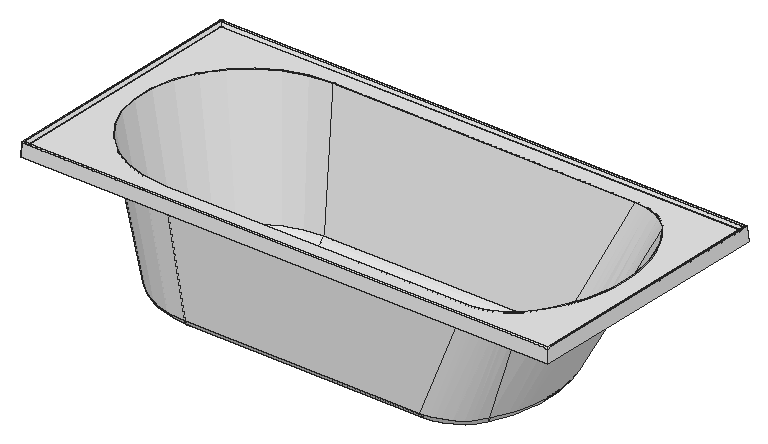
Revit family "DS-SBT-02", category Plumbing Fixtures, Revit 2015
Parameters
  Width = 745 mm
  URL = "seima.com.au"
  Model = "DS-SBT-02"
  Manufacturer = "SEIMA"
  Length = 568.465 mm
  Default Elevation = 900 mm
Reference planes
  plane 1 "Centro (Frente/Trás)": y = 0
  plane 2: z = 0
  plane 3 "Centro (Esquerda/Direita)": x = 0
  plane 4: x = 1299.701
  plane 5: y = 362.411
  plane 6: y = -362.412
  plane 7: x = -231.022
  plane 8 "Top": z = 407.552
  plane 9 "drain": z = -18.873
  plane 10: y = 306.401
  plane 11: y = -306.401
  plane 12: x = 139.553
  plane 13: x = 1024.973
  plane 14: x = 839.226
  plane 15 "c1": z = 55.547
  plane 16: y = 251.969
  plane 17: y = -251.969
  plane 18: x = 534.34
  plane 19: x = 1170.753
  plane 20: x = 156.952
  plane 21: x = 1016.232
  plane 22: y = 170.195
  plane 23: y = 150.831
  plane 24: y = -170.195
Forms (mm)
  Sweep 1, solid, material "SEIMA_ACRYLIC"
    path origin (0, 0, 407.552) x (-1, 0, 0) y (0, -1, 0)
      loop
        line (231.022, -362.411) -> (231.022, 362.412) -> (-1299.701, 362.412) -> (-1299.701, -362.411) -> (231.022, -362.411)
    profile origin (-231.022, 0, 407.552) x (-1, 0, 0) y (0, 0, 1)
      loop
        line (-1.001, -40.003) -> (0, -40.003) -> (-1.645, -2.869)
        arc (-1.645, -2.869) -> (-3.998, -0.071) -> (-7.307, -1.624) r 3
        line (-7.307, -1.624) -> (-11.545, -9.823) -> (-11.545, -10.8)
        arc (-11.545, -10.8) -> (-11.025, -10.67) -> (-10.657, -10.282) r 0.958
        line (-10.657, -10.282) -> (-6.419, -2.083)
        arc (-6.419, -2.083) -> (-4.213, -1.048) -> (-2.644, -2.913) r 2
        line (-2.644, -2.913) -> (-1.001, -40.003)
  Extrusion 2, solid, material "SEIMA_ACRYLIC"
    sketch origin (0, 0, 407.552) x (-1, 0, 0) y (0, -1, 0)
      loop
        line (219.477, -350.866) -> (219.477, 350.867) -> (-1288.156, 350.867) -> (-1288.156, -350.866) -> (219.477, -350.866)
      loop
        line (-139.385, 304.921) -> (-1025.671, 304.957)
        spline (-1025.671, 304.957) -> (-1078.163, 294.56) -> (-1127.077, 264.075) -> (-1169.08, 215.581) -> (-1201.31, 152.383) -> (-1221.57, 78.787) -> (-1228.48, -0.191) -> (-1221.569, -79.168) -> (-1201.307, -152.763) -> (-1169.076, -215.96) -> (-1127.071, -264.452) -> (-1078.157, -294.934) -> (-1025.665, -305.329)
        line (-1025.665, -305.329) -> (-139.397, -305.289)
        spline (-139.397, -305.289) -> (-60.578, -294.893) -> (12.87, -264.413) -> (75.942, -215.928) -> (124.339, -152.74) -> (154.763, -79.156) -> (165.141, -0.19) -> (154.766, 78.776) -> (124.345, 152.362) -> (75.95, 215.551) -> (12.881, 264.04) -> (-60.566, 294.522) -> (-139.385, 304.921)
    from -9.823 to -10.8
  Extrusion 3, solid, material "SEIMA_ACRYLIC"
    sketch origin (0, 0, 407.552) x (-1, 0, 0) y (0, -1, 0)
      loop
        arc (-156.952, -208.773) -> (51.822, 0) -> (-156.952, 208.773) r 208.773
        line (-156.952, 208.773) -> (-840.294, 208.773)
        arc (-840.294, 208.773) -> (-887.003, 199.501) -> (-926.627, 173.089) r 122.277
        arc (-926.627, 173.089) -> (-975.644, 0.381) -> (-927.219, -172.495) r 330.771
        arc (-927.219, -172.495) -> (-887.39, -199.34) -> (-840.294, -208.773) r 122.277
        line (-840.294, -208.773) -> (-156.952, -208.773)
      loop
        circle (0, 0) r 40
    from -406.6 to -407.552
  Blend 4, void
    base sketch origin (0, 0, 0) x (1, 0, 0) y (0, 1, 0)
      loop
        arc (156.952, 251.969) -> (-95.017, 0) -> (156.952, -251.969) r 251.969
        line (156.952, -251.969) -> (839.226, -251.969)
        arc (839.226, -251.969) -> (918.904, -229.967) -> (976.002, -170.195) r 155.275
        arc (976.002, -170.195) -> (1018.836, 0) -> (976.002, 170.195) r 359.546
        arc (976.002, 170.195) -> (918.904, 229.967) -> (839.226, 251.969) r 155.275
        line (839.226, 251.969) -> (156.952, 251.969)
    top sketch origin (0, 0, 0) x (1, 0, 0) y (0, 1, 0)
      loop
        line (139.553, -305.289) -> (1016.232, -305.289)
        arc (1016.232, -305.289) -> (1083.632, -291.392) -> (1140.038, -251.969) r 170.396
        arc (1140.038, -251.969) -> (1228.348, 0) -> (1140.038, 251.969) r 403.618
        arc (1140.038, 251.969) -> (1083.632, 291.392) -> (1016.232, 305.289) r 170.396
        line (1016.232, 305.289) -> (139.553, 305.289)
        arc (139.553, 305.289) -> (-165.736, 0) -> (139.553, -305.289) r 305.289
    from 29.105 to 396.752
  Blend 5, solid, material "SEIMA_ACRYLIC"
    base sketch origin (0, 0, 407.552) x (-1, 0, 0) y (0, -1, 0)
      loop
        arc (-156.952, -252.969) -> (96.017, 0) -> (-156.952, 252.969) r 252.969
        line (-156.952, 252.969) -> (-839.226, 252.969)
        arc (-839.226, 252.969) -> (-919.418, 230.825) -> (-976.883, 170.668) r 156.275
        arc (-976.883, 170.668) -> (-1019.836, 0) -> (-976.883, -170.668) r 360.546
        arc (-976.883, -170.668) -> (-919.418, -230.825) -> (-839.226, -252.969) r 156.275
        line (-839.226, -252.969) -> (-156.952, -252.969)
    top sketch origin (0, 0, 407.552) x (-1, 0, 0) y (0, -1, 0)
      loop
        arc (-1140.793, 252.626) -> (-1229.348, 0) -> (-1140.793, -252.626) r 404.618
        arc (-1140.793, -252.626) -> (-1084.046, -292.302) -> (-1016.232, -306.289) r 171.396
        line (-1016.232, -306.289) -> (-139.553, -306.289)
        arc (-139.553, -306.289) -> (166.736, 0) -> (-139.553, 306.289) r 306.289
        line (-139.553, 306.289) -> (-1016.232, 306.289)
        arc (-1016.232, 306.289) -> (-1084.046, 292.302) -> (-1140.793, 252.626) r 171.396
    from -378.448 to -10.8
  Sweep 6, solid, material "SEIMA_ACRYLIC"
    path origin (0, 0, 0) x (1, 0, 0) y (0, 1, 0)
      loop
        line (839.226, 252.969) -> (156.952, 252.969)
        arc (156.952, 252.969) -> (-96.017, 0) -> (156.952, -252.969) r 252.969
        line (156.952, -252.969) -> (839.226, -252.969)
        arc (839.226, -252.969) -> (919.418, -230.825) -> (976.883, -170.668) r 156.275
        arc (976.883, -170.668) -> (1019.836, 0) -> (976.883, 170.668) r 360.546
        arc (976.883, 170.668) -> (919.418, 230.825) -> (839.226, 252.969) r 156.275
    profile origin (1019.836, 0, 0) x (1, 0, 0) y (0, 0, 1)
      loop
        line (0, 29.105) -> (-1, 29.105)
        arc (-1, 29.105) -> (-19.266, 9.915) -> (-44.195, 0.947) r 57.525
        line (-44.195, 0.947) -> (-44.195, 0)
        arc (-44.195, 0) -> (-18.737, 9.449) -> (0, 29.105) r 60.34
  Extrusion 7, solid, material "SEIMA_ACRYLIC"
    sketch origin (0, 0, 0) x (1, 0, 0) y (0, 1, 0)
      loop
        line (37.299, 142.686) -> (37.299, 127.686) -> (52.339, 127.686) -> (52.339, 142.686) -> (37.299, 142.686)
      loop
        line (37.299, 97.686) -> (37.299, 82.686) -> (52.339, 82.686) -> (52.339, 97.686) -> (37.299, 97.686)
      loop
        line (37.299, 52.686) -> (37.299, 37.686) -> (52.339, 37.686) -> (52.339, 52.686) -> (37.299, 52.686)
      loop
        line (37.299, -37.314) -> (37.299, -52.314) -> (52.339, -52.314) -> (52.339, -37.314) -> (37.299, -37.314)
      loop
        line (37.299, -127.314) -> (37.299, -142.314) -> (52.339, -142.314) -> (52.339, -127.314) -> (37.299, -127.314)
      loop
        line (37.299, -82.314) -> (37.299, -97.314) -> (52.339, -97.314) -> (52.339, -82.314) -> (37.299, -82.314)
      loop
        line (-7.72, -82.314) -> (-7.72, -97.314) -> (7.32, -97.314) -> (7.32, -82.314) -> (-7.72, -82.314)
      loop
        line (-7.72, 97.686) -> (-7.72, 82.686) -> (7.32, 82.686) -> (7.32, 97.686) -> (-7.72, 97.686)
      loop
        line (82.197, 7.769) -> (82.197, -7.231) -> (97.237, -7.231) -> (97.237, 7.769) -> (82.197, 7.769)
      loop
        line (82.273, 142.686) -> (82.273, 127.686) -> (97.313, 127.686) -> (97.313, 142.686) -> (82.273, 142.686)
      loop
        line (82.273, 97.686) -> (82.273, 82.686) -> (97.313, 82.686) -> (97.313, 97.686) -> (82.273, 97.686)
      loop
        line (82.273, 52.686) -> (82.273, 37.686) -> (97.313, 37.686) -> (97.313, 52.686) -> (82.273, 52.686)
      loop
        line (82.273, -37.314) -> (82.273, -52.314) -> (97.313, -52.314) -> (97.313, -37.314) -> (82.273, -37.314)
      loop
        line (82.273, -127.314) -> (82.273, -142.314) -> (97.313, -142.314) -> (97.313, -127.314) -> (82.273, -127.314)
      loop
        line (82.273, -82.314) -> (82.273, -97.314) -> (97.313, -97.314) -> (97.313, -82.314) -> (82.273, -82.314)
      loop
        line (127.247, 142.686) -> (127.247, 127.686) -> (142.286, 127.686) -> (142.286, 142.686) -> (127.247, 142.686)
      loop
        line (127.247, 97.686) -> (127.247, 82.686) -> (142.286, 82.686) -> (142.286, 97.686) -> (127.247, 97.686)
      loop
        line (127.247, 52.686) -> (127.247, 37.686) -> (142.286, 37.686) -> (142.286, 52.686) -> (127.247, 52.686)
      loop
        line (127.247, -37.314) -> (127.247, -52.314) -> (142.286, -52.314) -> (142.286, -37.314) -> (127.247, -37.314)
      loop
        line (127.247, -127.314) -> (127.247, -142.314) -> (142.286, -142.314) -> (142.286, -127.314) -> (127.247, -127.314)
      loop
        line (127.247, -82.314) -> (127.247, -97.314) -> (142.286, -97.314) -> (142.286, -82.314) -> (127.247, -82.314)
      loop
        line (307.142, 142.686) -> (307.142, 127.686) -> (322.182, 127.686) -> (322.182, 142.686) -> (307.142, 142.686)
      loop
        line (307.142, 97.686) -> (307.142, 82.686) -> (322.182, 82.686) -> (322.182, 97.686) -> (307.142, 97.686)
      loop
        line (307.142, 52.686) -> (307.142, 37.686) -> (322.182, 37.686) -> (322.182, 52.686) -> (307.142, 52.686)
      loop
        line (307.142, -37.314) -> (307.142, -52.314) -> (322.182, -52.314) -> (322.182, -37.314) -> (307.142, -37.314)
      loop
        line (307.142, -127.314) -> (307.142, -142.314) -> (322.182, -142.314) -> (322.182, -127.314) -> (307.142, -127.314)
      loop
        line (307.142, -82.314) -> (307.142, -97.314) -> (322.182, -97.314) -> (322.182, -82.314) -> (307.142, -82.314)
      loop
        line (262.168, 142.686) -> (262.168, 127.686) -> (277.208, 127.686) -> (277.208, 142.686) -> (262.168, 142.686)
      loop
        line (262.168, 97.686) -> (262.168, 82.686) -> (277.208, 82.686) -> (277.208, 97.686) -> (262.168, 97.686)
      loop
        line (262.168, 52.686) -> (262.168, 37.686) -> (277.208, 37.686) -> (277.208, 52.686) -> (262.168, 52.686)
      loop
        line (262.168, -37.314) -> (262.168, -52.314) -> (277.208, -52.314) -> (277.208, -37.314) -> (262.168, -37.314)
      loop
        line (262.168, -127.314) -> (262.168, -142.314) -> (277.208, -142.314) -> (277.208, -127.314) -> (262.168, -127.314)
      loop
        line (262.168, -82.314) -> (262.168, -97.314) -> (277.208, -97.314) -> (277.208, -82.314) -> (262.168, -82.314)
      loop
        line (217.136, 142.686) -> (217.136, 127.686) -> (232.176, 127.686) -> (232.176, 142.686) -> (217.136, 142.686)
      loop
        line (217.136, 97.686) -> (217.136, 82.686) -> (232.176, 82.686) -> (232.176, 97.686) -> (217.136, 97.686)
      loop
        line (217.136, 52.686) -> (217.136, 37.686) -> (232.176, 37.686) -> (232.176, 52.686) -> (217.136, 52.686)
      loop
        line (217.136, -37.314) -> (217.136, -52.314) -> (232.176, -52.314) -> (232.176, -37.314) -> (217.136, -37.314)
      loop
        line (217.136, -127.314) -> (217.136, -142.314) -> (232.176, -142.314) -> (232.176, -127.314) -> (217.136, -127.314)
      loop
        line (217.136, -82.314) -> (217.136, -97.314) -> (232.176, -97.314) -> (232.176, -82.314) -> (217.136, -82.314)
      loop
        line (172.22, 142.686) -> (172.22, 127.686) -> (187.26, 127.686) -> (187.26, 142.686) -> (172.22, 142.686)
      loop
        line (172.22, 97.686) -> (172.22, 82.686) -> (187.26, 82.686) -> (187.26, 97.686) -> (172.22, 97.686)
      loop
        line (172.22, 52.686) -> (172.22, 37.686) -> (187.26, 37.686) -> (187.26, 52.686) -> (172.22, 52.686)
      loop
        line (172.22, -37.314) -> (172.22, -52.314) -> (187.26, -52.314) -> (187.26, -37.314) -> (172.22, -37.314)
      loop
        line (172.22, -127.314) -> (172.22, -142.314) -> (187.26, -142.314) -> (187.26, -127.314) -> (172.22, -127.314)
      loop
        line (172.22, -82.314) -> (172.22, -97.314) -> (187.26, -97.314) -> (187.26, -82.314) -> (172.22, -82.314)
      loop
        line (352.107, 142.686) -> (352.107, 127.686) -> (367.147, 127.686) -> (367.147, 142.686) -> (352.107, 142.686)
      loop
        line (352.107, 97.686) -> (352.107, 82.686) -> (367.147, 82.686) -> (367.147, 97.686) -> (352.107, 97.686)
      loop
        line (352.107, 52.686) -> (352.107, 37.686) -> (367.147, 37.686) -> (367.147, 52.686) -> (352.107, 52.686)
      loop
        line (352.107, -37.314) -> (352.107, -52.314) -> (367.147, -52.314) -> (367.147, -37.314) -> (352.107, -37.314)
      loop
        line (352.107, -127.314) -> (352.107, -142.314) -> (367.147, -142.314) -> (367.147, -127.314) -> (352.107, -127.314)
      loop
        line (352.107, -82.314) -> (352.107, -97.314) -> (367.147, -97.314) -> (367.147, -82.314) -> (352.107, -82.314)
      loop
        line (127.247, 7.686) -> (127.247, -7.314) -> (142.286, -7.314) -> (142.286, 7.686) -> (127.247, 7.686)
      loop
        line (307.142, 7.686) -> (307.142, -7.314) -> (322.182, -7.314) -> (322.182, 7.686) -> (307.142, 7.686)
      loop
        line (262.168, 7.686) -> (262.168, -7.314) -> (277.208, -7.314) -> (277.208, 7.686) -> (262.168, 7.686)
      loop
        line (217.136, 7.686) -> (217.136, -7.314) -> (232.176, -7.314) -> (232.176, 7.686) -> (217.136, 7.686)
      loop
        line (172.22, 7.686) -> (172.22, -7.314) -> (187.26, -7.314) -> (187.26, 7.686) -> (172.22, 7.686)
      loop
        line (352.107, 7.686) -> (352.107, -7.314) -> (367.147, -7.314) -> (367.147, 7.686) -> (352.107, 7.686)
    from 2 to 0.952
Cuts and joins
  Blend 4 cuts Blend 5
Lines and regions (mm)
  Masking region 1
    outline origin (0, 0, 0) x (1, 0, 0) y (0, 1, 0)
      loop
        line (139.385, -304.921) -> (1025.671, -304.957)
        spline (1025.671, -304.957) -> (1078.163, -294.56) -> (1127.077, -264.075) -> (1169.08, -215.581) -> (1201.31, -152.383) -> (1221.57, -78.787) -> (1228.48, 0.191) -> (1221.569, 79.168) -> (1201.307, 152.763) -> (1169.076, 215.96) -> (1127.071, 264.452) -> (1078.157, 294.934) -> (1025.665, 305.329)
        line (1025.665, 305.329) -> (139.397, 305.289)
        spline (139.397, 305.289) -> (60.578, 294.893) -> (-12.87, 264.413) -> (-75.942, 215.928) -> (-124.339, 152.74) -> (-154.763, 79.156) -> (-165.141, 0.19) -> (-154.766, -78.776) -> (-124.345, -152.362) -> (-75.95, -215.551) -> (-12.881, -264.04) -> (60.566, -294.522) -> (139.385, -304.921)
      loop
        arc (926.627, -173.089) -> (975.644, -0.381) -> (927.219, 172.495) r 330.771
        arc (927.219, 172.495) -> (887.39, 199.34) -> (840.294, 208.773) r 122.277
        line (840.294, 208.773) -> (156.952, 208.773)
        arc (156.952, 208.773) -> (-51.822, 0) -> (156.952, -208.773) r 208.773
        line (156.952, -208.773) -> (840.294, -208.773)
        arc (840.294, -208.773) -> (887.003, -199.501) -> (926.627, -173.089) r 122.277
Dimensions and locks
  aligned and locked: Blend 5 to Blend 4  (x2)
Nested families
  nested 1: "DRAIN" at (0, 0, 1.752), type "DRAIN"
Connectors
  piping at (0, 0, -18.873), diameter 40
    settings: index 1, connector inside diameter 609.6 mm, connector length 0 mm, flow factor 0, pipe flow 0.0 L/s, pressure drop 0.0 Pa, fitting loss kfactor 0, connector angle 0.00°, fixture units 0, engagement length 0 mm, angle of deflection 0.00°, flow configuration 0, flow direction 2, fitting loss method 0, system type 16, joint type 0, gender type 0, connector reference index -1, connector utility 0, adjustable connector no, is connector primary yes, connector description ""
Definition of nested family "DRAIN"
  Parameters (values of type "DRAIN")
    Material = none
    Default Elevation = 1219.2 mm
  Reference planes
    plane 1 "Centro (Frente/Trás)": y = 0
    plane 2: z = 0
    plane 3 "Centro (Esquerda/Direita)": x = 0
  Forms (mm)
    Extrusion 1, solid
      sketch origin (0, 0, 0) x (1, 0, 0) y (0, 1, 0)
        loop
          line (-150, 150) -> (-150, -150) -> (150, -150) -> (150, 150) -> (-150, 150)
        loop
          line (-155, 155) -> (-155, -155) -> (155, -155) -> (155, 155) -> (-155, 155)
      from 0 to -304.8
    Sweep 2, solid
      path origin (0, 0, 0) x (1, 0, 0) y (0, 1, 0)
        loop
          circle (0, 0) r 22
      profile origin (0, 22, 0) x (0, -1, 0) y (0, 0, 1)
        loop
          line (0.59, -20.625) -> (0.59, -23.125) -> (1.39, -23.125) -> (1.39, -20.625) -> (0.59, -20.625)
    Revolve 3, solid
      sketch origin (0, 0, 0) x (1, 0, 0) y (0, 0, 1)
        loop
          line (-45, -0.8) -> (-38.003, -0.8)
          spline (-38.003, -0.8) -> (-37.027, -0.919) -> (-36.604, -1.26) -> (-36.162, -2.349) -> (-35.735, -4.366) -> (-35.357, -6.953) -> (-35.014, -9.772) -> (-34.674, -12.524) -> (-34.112, -15.095) -> (-32.854, -17.396) -> (-30.495, -19.167) -> (-26.8, -20.245) -> (-21.41, -20.625)
          line (-21.41, -20.625) -> (-20.61, -20.625)
          arc (-20.61, -20.625) -> (-20.801, -20.107) -> (-21.281, -19.836) r 0.8
          spline (-21.281, -19.836) -> (-26.565, -19.483) -> (-30.06, -18.482) -> (-32.167, -16.918) -> (-33.29, -14.874) -> (-33.829, -12.437) -> (-34.177, -9.696) -> (-34.533, -6.859) -> (-34.926, -4.234) -> (-35.38, -2.129) -> (-35.938, -0.802) -> (-36.749, -0.164) -> (-38.003, 0)
          line (-38.003, 0) -> (-45, 0) -> (-45, -0.8)
        axis (0, 0) -> (0, -20.625)
      angle from 0 to 360
    Revolve 4, solid
      sketch origin (0, 0, 0) x (1, 0, 0) y (0, 0, 1)
        loop
          line (-10.197, -16.126) -> (-12.35, -17.681) -> (-15.461, -17.681) -> (-25.392, -17.681)
          arc (-25.392, -17.681) -> (-30.094, -15.946) -> (-32.543, -11.574) r 7.239
          line (-32.543, -11.574) -> (-33.305, -6.761) -> (-34.115, -6.761) -> (-33.333, -11.699)
          arc (-33.333, -11.699) -> (-30.614, -16.555) -> (-25.392, -18.481) r 8.039
          line (-25.392, -18.481) -> (-15.461, -18.481) -> (0, -18.481) -> (0, 2.366)
          spline (0, 2.366) -> (-3.679, 1.593) -> (-5.1, -0.146) -> (-5.118, -1.983) -> (-4.549, -3.136) -> (-3.837, -3.658) -> (-3.228, -4.055) -> (-2.897, -4.771) -> (-2.78, -6.017) -> (-2.766, -7.949) -> (-2.874, -10.579) -> (-3.521, -13.476) -> (-5.197, -16.126)
          line (-5.197, -16.126) -> (-10.197, -16.126)
        axis (0, 2.366) -> (0, -18.481)
      angle from 0 to 360
    Extrusion 5, void
      sketch origin (0, 0, 0) x (1, 0, 0) y (0, 1, 0)
        loop
          line (-1, 29.126) -> (-1, 15.689)
          arc (-1, 15.689) -> (0, 14.689) -> (1, 15.689) r 1
          line (1, 15.689) -> (1, 29.126)
          arc (1, 29.126) -> (0, 30.126) -> (-1, 29.126) r 1
        loop
          line (8.049, 28.01) -> (3.897, 15.23)
          arc (3.897, 15.23) -> (4.539, 13.97) -> (5.799, 14.612) r 1
          line (5.799, 14.612) -> (9.952, 27.392)
          arc (9.952, 27.392) -> (9.31, 28.652) -> (8.049, 28.01) r 1
        loop
          line (16.311, 24.152) -> (8.413, 13.28)
          arc (8.413, 13.28) -> (8.634, 11.884) -> (10.031, 12.105) r 1
          line (10.031, 12.105) -> (17.929, 22.976)
          arc (17.929, 22.976) -> (17.708, 24.373) -> (16.311, 24.152) r 1
        loop
          line (22.976, 17.929) -> (12.105, 10.031)
          arc (12.105, 10.031) -> (11.884, 8.634) -> (13.28, 8.413) r 1
          line (13.28, 8.413) -> (24.152, 16.311)
          arc (24.152, 16.311) -> (24.373, 17.708) -> (22.976, 17.929) r 1
        loop
          line (29.126, 1) -> (15.689, 1)
          arc (15.689, 1) -> (14.689, 0) -> (15.689, -1) r 1
          line (15.689, -1) -> (29.126, -1)
          arc (29.126, -1) -> (30.126, 0) -> (29.126, 1) r 1
        loop
          line (27.392, 9.952) -> (14.612, 5.799)
          arc (14.612, 5.799) -> (13.97, 4.539) -> (15.23, 3.897) r 1
          line (15.23, 3.897) -> (28.01, 8.049)
          arc (28.01, 8.049) -> (28.652, 9.31) -> (27.392, 9.952) r 1
        loop
          line (28.01, -8.049) -> (15.23, -3.897)
          arc (15.23, -3.897) -> (13.97, -4.539) -> (14.612, -5.799) r 1
          line (14.612, -5.799) -> (27.392, -9.952)
          arc (27.392, -9.952) -> (28.652, -9.31) -> (28.01, -8.049) r 1
        loop
          line (24.152, -16.311) -> (13.28, -8.413)
          arc (13.28, -8.413) -> (11.884, -8.634) -> (12.105, -10.031) r 1
          line (12.105, -10.031) -> (22.976, -17.929)
          arc (22.976, -17.929) -> (24.373, -17.708) -> (24.152, -16.311) r 1
        loop
          line (17.929, -22.976) -> (10.031, -12.105)
          arc (10.031, -12.105) -> (8.634, -11.884) -> (8.413, -13.28) r 1
          line (8.413, -13.28) -> (16.311, -24.152)
          arc (16.311, -24.152) -> (17.708, -24.373) -> (17.929, -22.976) r 1
        loop
          line (9.952, -27.392) -> (5.799, -14.612)
          arc (5.799, -14.612) -> (4.539, -13.97) -> (3.897, -15.23) r 1
          line (3.897, -15.23) -> (8.049, -28.01)
          arc (8.049, -28.01) -> (9.31, -28.652) -> (9.952, -27.392) r 1
        loop
          line (1, -29.126) -> (1, -15.689)
          arc (1, -15.689) -> (0, -14.689) -> (-1, -15.689) r 1
          line (-1, -15.689) -> (-1, -29.126)
          arc (-1, -29.126) -> (0, -30.126) -> (1, -29.126) r 1
        loop
          line (-8.049, -28.01) -> (-3.897, -15.23)
          arc (-3.897, -15.23) -> (-4.539, -13.97) -> (-5.799, -14.612) r 1
          line (-5.799, -14.612) -> (-9.952, -27.392)
          arc (-9.952, -27.392) -> (-9.31, -28.652) -> (-8.049, -28.01) r 1
        loop
          line (-16.311, -24.152) -> (-8.413, -13.28)
          arc (-8.413, -13.28) -> (-8.634, -11.884) -> (-10.031, -12.105) r 1
          line (-10.031, -12.105) -> (-17.929, -22.976)
          arc (-17.929, -22.976) -> (-17.708, -24.373) -> (-16.311, -24.152) r 1
        loop
          line (-22.976, -17.929) -> (-12.105, -10.031)
          arc (-12.105, -10.031) -> (-11.884, -8.634) -> (-13.28, -8.413) r 1
          line (-13.28, -8.413) -> (-24.152, -16.311)
          arc (-24.152, -16.311) -> (-24.373, -17.708) -> (-22.976, -17.929) r 1
        loop
          line (-29.126, -1) -> (-15.689, -1)
          arc (-15.689, -1) -> (-14.689, 0) -> (-15.689, 1) r 1
          line (-15.689, 1) -> (-29.126, 1)
          arc (-29.126, 1) -> (-30.126, 0) -> (-29.126, -1) r 1
        loop
          line (-27.392, -9.952) -> (-14.612, -5.799)
          arc (-14.612, -5.799) -> (-13.97, -4.539) -> (-15.23, -3.897) r 1
          line (-15.23, -3.897) -> (-28.01, -8.049)
          arc (-28.01, -8.049) -> (-28.652, -9.31) -> (-27.392, -9.952) r 1
        loop
          line (-28.01, 8.049) -> (-15.23, 3.897)
          arc (-15.23, 3.897) -> (-13.97, 4.539) -> (-14.612, 5.799) r 1
          line (-14.612, 5.799) -> (-27.392, 9.952)
          arc (-27.392, 9.952) -> (-28.652, 9.31) -> (-28.01, 8.049) r 1
        loop
          line (-24.152, 16.311) -> (-13.28, 8.413)
          arc (-13.28, 8.413) -> (-11.884, 8.634) -> (-12.105, 10.031) r 1
          line (-12.105, 10.031) -> (-22.976, 17.929)
          arc (-22.976, 17.929) -> (-24.373, 17.708) -> (-24.152, 16.311) r 1
        loop
          line (-17.929, 22.976) -> (-10.031, 12.105)
          arc (-10.031, 12.105) -> (-8.634, 11.884) -> (-8.413, 13.28) r 1
          line (-8.413, 13.28) -> (-16.311, 24.152)
          arc (-16.311, 24.152) -> (-17.708, 24.373) -> (-17.929, 22.976) r 1
        loop
          line (-9.952, 27.392) -> (-5.799, 14.612)
          arc (-5.799, 14.612) -> (-4.539, 13.97) -> (-3.897, 15.23) r 1
          line (-3.897, 15.23) -> (-8.049, 28.01)
          arc (-8.049, 28.01) -> (-9.31, 28.652) -> (-9.952, 27.392) r 1
      from -19.231 to -9.306
  Cuts and joins
    Extrusion 5 cuts Revolve 4
  Dimensions and locks
    aligned and locked: plane 2 to Extrusion 1
    aligned and locked: level to Extrusion 1
